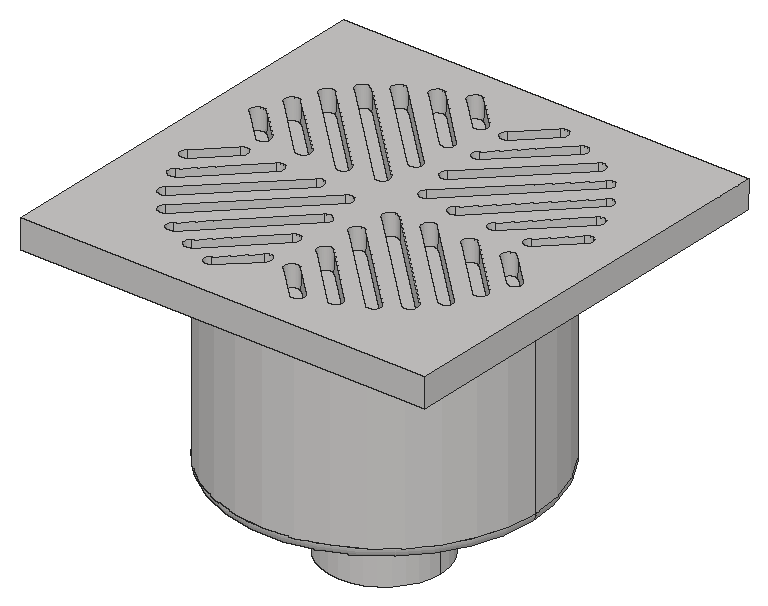
Revit family
Parameters (values of type "9614-S-2"")
  Width = 8"
  Waste Connection Radius = 1"
  Waste Connection Diameter = Waste Connection Radius * 2  # 2"
  Waste Connection = yes
  Vent Connection = no
  URL = "www.jrsmith.com"
  Price = "Prices may vary. Please consult Manufacturer Representative for most up-to-date price list."  # constant formula
  Phone Number = "416-250-5656"  # constant formula
  Omniclass Table 23 Title = "Waste Water Drains"  # constant formula
  Omniclass Table 23 Code = "23.70.50.21.24"  # constant formula
  Model = "9614-S-2\""
  Material = Metal-Jay R Smith-Stainless Steel
  Masterformat Title = "Sanitary Drains"  # constant formula
  Masterformat Number = "22 13 19.13"  # constant formula
  Manufacturer = "Jay R. Smith"
  Length = Width  # 8"
  Height = 6 1/4"
  HW Connection = no
  Description = "8\" Square top general purpose floor drain,"
  Default Elevation = 0"
  Creation Date = "27/10/2014"  # constant formula
  Created By = "Allied Technical Services"  # constant formula
  CW Connection = no
  Assembly Code = "D2030300"
  ATS URL = "http://www.atsspec.net"
Types (4): name | Waste Connection Radius | Waste Connection Diameter | Model | Description
  (no name) | 1" | 2" | "9614-S-2\"" | "8\" Square top general purpose floor drain,"
  9614-S-2" | 1" | 2" | "9614-S-2\"" | "8\" Square top general purpose floor drain,"
  9614-S-3" | 1 1/2" | 3" | "9614-S-3\"" | "8\" Square top general purpose floor drain."
  9614-S-4" | 2" | 4" | "9614-S-4\"" | "8\" Square top general purpose floor drain."
Reference planes (in)
  plane 1 "Center (Front/Back)": y = 0
  plane 2: z = 0
  plane 3 "Center (Left/Right)": x = 0
  plane 4: x = -4
  plane 5: x = 4
  plane 6: z = 6.25
  plane 7: z = 1.5
  plane 8: x = -1
  plane 9: x = 1
  plane 10: z = 5.6875
  plane 11: x = 0
  plane 12: y = 2.71863
  plane 13: x = -0.26831
  plane 14: y = 0.33214
  plane 15: y = 0.05089
  plane 16: z = 5.84137
Forms (in)
  Revolve 1, solid, material "Metal-Jay R Smith-Stainless Steel" <- "Material"
    sketch origin (0, 0, 0) x (1, 0, 0) y (0, 0, 1)
      loop
        line (-2.99178, 5.35248) -> (-2.99178, 1.71875)
        arc (-2.99178, 1.71875) -> (-2.92771, 1.56407) -> (-2.77303, 1.5) r 0.21875
        line (-2.77303, 1.5) -> (-1.125, 1.5) -> (-1.125, 0) -> (-1, 0) -> (-1, 5.6875) -> (-3.32681, 5.6875)
        arc (-3.32681, 5.6875) -> (-3.08991, 5.58937) -> (-2.99178, 5.35248) r 0.33502
      axis (0, 5.6875) -> (0, 0)
    angle from 0 to 360
  Extrusion 2, solid, material "Metal-Jay R Smith-Stainless Steel" <- "Material"
    sketch origin (-42.09437, -52.31054, 0) x (1, 0, 0) y (0, 1, 0)
      loop
        line (38.09437, 56.31054) -> (38.09437, 48.31054) -> (46.09437, 48.31054) -> (46.09437, 56.31054) -> (38.09437, 56.31054)
      loop
        line (38.97578, 53.70311) -> (40.09144, 52.58744)
        arc (40.09144, 52.58744) -> (40.29032, 52.58744) -> (40.29032, 52.78632) r 0.14063
        line (40.29032, 52.78632) -> (39.17465, 53.90198)
        arc (39.17465, 53.90198) -> (38.97578, 53.90198) -> (38.97578, 53.70311) r 0.14062
      loop
        line (39.22439, 54.25) -> (40.88694, 52.58744)
        arc (40.88694, 52.58744) -> (41.08581, 52.58744) -> (41.08581, 52.78632) r 0.14062
        line (41.08581, 52.78632) -> (39.42326, 54.44887)
        arc (39.42326, 54.44887) -> (39.22439, 54.44887) -> (39.22439, 54.25) r 0.14062
      loop
        line (39.5753, 54.69457) -> (41.55743, 52.71244)
        arc (41.55743, 52.71244) -> (41.75631, 52.71244) -> (41.75631, 52.91132) r 0.14063
        line (41.75631, 52.91132) -> (39.77418, 54.89345)
        arc (39.77418, 54.89345) -> (39.5753, 54.89345) -> (39.5753, 54.69457) r 0.14062
      loop
        line (40.01988, 55.04549) -> (41.68243, 53.38294)
        arc (41.68243, 53.38294) -> (41.88131, 53.38294) -> (41.88131, 53.58181) r 0.14062
        line (41.88131, 53.58181) -> (40.21875, 55.24437)
        arc (40.21875, 55.24437) -> (40.01988, 55.24437) -> (40.01988, 55.04549) r 0.14062
      loop
        line (40.56677, 55.2941) -> (41.68243, 54.17843)
        arc (41.68243, 54.17843) -> (41.88131, 54.17843) -> (41.88131, 54.37731) r 0.14063
        line (41.88131, 54.37731) -> (40.76564, 55.49297)
        arc (40.76564, 55.49297) -> (40.56677, 55.49297) -> (40.56677, 55.2941) r 0.14062
      loop
        line (41.14129, 55.51507) -> (41.72663, 54.92973)
        arc (41.72663, 54.92973) -> (41.9255, 54.92973) -> (41.9255, 55.12861) r 0.14063
        line (41.9255, 55.12861) -> (41.34026, 55.71385)
        arc (41.34026, 55.71385) -> (41.14134, 55.71399) -> (41.14129, 55.51507) r 0.14063
      loop
        line (38.75477, 53.12862) -> (39.34014, 52.54325)
        arc (39.34014, 52.54325) -> (39.53902, 52.54325) -> (39.53902, 52.74212) r 0.14063
        line (39.53902, 52.74212) -> (38.9536, 53.32754)
        arc (38.9536, 53.32754) -> (38.75479, 53.32744) -> (38.75477, 53.12862) r 0.14063
      loop
        arc (45.21296, 53.70311) -> (45.21296, 53.90198) -> (45.01409, 53.90198) r 0.14062
        line (45.01409, 53.90198) -> (43.89842, 52.78632)
        arc (43.89842, 52.78632) -> (43.89842, 52.58744) -> (44.0973, 52.58744) r 0.14063
        line (44.0973, 52.58744) -> (45.21296, 53.70311)
      loop
        arc (44.96436, 54.25) -> (44.96436, 54.44887) -> (44.76548, 54.44887) r 0.14062
        line (44.76548, 54.44887) -> (43.10293, 52.78632)
        arc (43.10293, 52.78632) -> (43.10293, 52.58744) -> (43.3018, 52.58744) r 0.14062
        line (43.3018, 52.58744) -> (44.96436, 54.25)
      loop
        arc (44.61344, 54.69457) -> (44.61344, 54.89345) -> (44.41456, 54.89345) r 0.14062
        line (44.41456, 54.89345) -> (42.43243, 52.91132)
        arc (42.43243, 52.91132) -> (42.43243, 52.71244) -> (42.63131, 52.71244) r 0.14063
        line (42.63131, 52.71244) -> (44.61344, 54.69457)
      loop
        arc (44.16886, 55.04549) -> (44.16886, 55.24437) -> (43.96999, 55.24437) r 0.14062
        line (43.96999, 55.24437) -> (42.30743, 53.58181)
        arc (42.30743, 53.58181) -> (42.30743, 53.38294) -> (42.50631, 53.38294) r 0.14062
        line (42.50631, 53.38294) -> (44.16886, 55.04549)
      loop
        arc (43.62197, 55.2941) -> (43.62197, 55.49297) -> (43.4231, 55.49297) r 0.14062
        line (43.4231, 55.49297) -> (42.30743, 54.37731)
        arc (42.30743, 54.37731) -> (42.30743, 54.17843) -> (42.50631, 54.17843) r 0.14063
        line (42.50631, 54.17843) -> (43.62197, 55.2941)
      loop
        arc (43.04745, 55.51507) -> (43.0474, 55.71399) -> (42.84848, 55.71385) r 0.14063
        line (42.84848, 55.71385) -> (42.26324, 55.12861)
        arc (42.26324, 55.12861) -> (42.26324, 54.92973) -> (42.46211, 54.92973) r 0.14063
        line (42.46211, 54.92973) -> (43.04745, 55.51507)
      loop
        arc (45.43397, 53.12862) -> (45.43395, 53.32744) -> (45.23514, 53.32754) r 0.14063
        line (45.23514, 53.32754) -> (44.64972, 52.74212)
        arc (44.64972, 52.74212) -> (44.64972, 52.54325) -> (44.8486, 52.54325) r 0.14063
        line (44.8486, 52.54325) -> (45.43397, 53.12862)
      loop
        arc (38.97578, 51.01977) -> (38.97578, 50.82089) -> (39.17465, 50.82089) r 0.14062
        line (39.17465, 50.82089) -> (40.29032, 51.93655)
        arc (40.29032, 51.93655) -> (40.29032, 52.13543) -> (40.09144, 52.13543) r 0.14063
        line (40.09144, 52.13543) -> (38.97578, 51.01977)
      loop
        arc (39.22439, 50.47288) -> (39.22439, 50.274) -> (39.42326, 50.274) r 0.14062
        line (39.42326, 50.274) -> (41.08581, 51.93655)
        arc (41.08581, 51.93655) -> (41.08581, 52.13543) -> (40.88694, 52.13543) r 0.14062
        line (40.88694, 52.13543) -> (39.22439, 50.47288)
      loop
        arc (39.5753, 50.0283) -> (39.5753, 49.82942) -> (39.77418, 49.82942) r 0.14062
        line (39.77418, 49.82942) -> (41.75631, 51.81155)
        arc (41.75631, 51.81155) -> (41.75631, 52.01043) -> (41.55743, 52.01043) r 0.14063
        line (41.55743, 52.01043) -> (39.5753, 50.0283)
      loop
        arc (40.01988, 49.67738) -> (40.01988, 49.47851) -> (40.21875, 49.47851) r 0.14062
        line (40.21875, 49.47851) -> (41.88131, 51.14106)
        arc (41.88131, 51.14106) -> (41.88131, 51.33993) -> (41.68243, 51.33993) r 0.14062
        line (41.68243, 51.33993) -> (40.01988, 49.67738)
      loop
        arc (40.56677, 49.42878) -> (40.56677, 49.2299) -> (40.76564, 49.2299) r 0.14062
        line (40.76564, 49.2299) -> (41.88131, 50.34556)
        arc (41.88131, 50.34556) -> (41.88131, 50.54444) -> (41.68243, 50.54444) r 0.14063
        line (41.68243, 50.54444) -> (40.56677, 49.42878)
      loop
        arc (41.14129, 49.2078) -> (41.14134, 49.00889) -> (41.34026, 49.00902) r 0.14063
        line (41.34026, 49.00902) -> (41.9255, 49.59426)
        arc (41.9255, 49.59426) -> (41.9255, 49.79314) -> (41.72663, 49.79314) r 0.14063
        line (41.72663, 49.79314) -> (41.14129, 49.2078)
      loop
        arc (38.75477, 51.59425) -> (38.75479, 51.39544) -> (38.9536, 51.39534) r 0.14063
        line (38.9536, 51.39534) -> (39.53902, 51.98075)
        arc (39.53902, 51.98075) -> (39.53902, 52.17962) -> (39.34014, 52.17962) r 0.14063
        line (39.34014, 52.17962) -> (38.75477, 51.59425)
      loop
        line (45.21296, 51.01977) -> (44.0973, 52.13543)
        arc (44.0973, 52.13543) -> (43.89842, 52.13543) -> (43.89842, 51.93655) r 0.14063
        line (43.89842, 51.93655) -> (45.01409, 50.82089)
        arc (45.01409, 50.82089) -> (45.21296, 50.82089) -> (45.21296, 51.01977) r 0.14062
      loop
        line (44.96436, 50.47288) -> (43.3018, 52.13543)
        arc (43.3018, 52.13543) -> (43.10293, 52.13543) -> (43.10293, 51.93655) r 0.14062
        line (43.10293, 51.93655) -> (44.76548, 50.274)
        arc (44.76548, 50.274) -> (44.96436, 50.274) -> (44.96436, 50.47288) r 0.14062
      loop
        line (44.61344, 50.0283) -> (42.63131, 52.01043)
        arc (42.63131, 52.01043) -> (42.43243, 52.01043) -> (42.43243, 51.81155) r 0.14063
        line (42.43243, 51.81155) -> (44.41456, 49.82942)
        arc (44.41456, 49.82942) -> (44.61344, 49.82942) -> (44.61344, 50.0283) r 0.14062
      loop
        line (44.16886, 49.67738) -> (42.50631, 51.33993)
        arc (42.50631, 51.33993) -> (42.30743, 51.33993) -> (42.30743, 51.14106) r 0.14062
        line (42.30743, 51.14106) -> (43.96999, 49.47851)
        arc (43.96999, 49.47851) -> (44.16886, 49.47851) -> (44.16886, 49.67738) r 0.14062
      loop
        line (43.62197, 49.42878) -> (42.50631, 50.54444)
        arc (42.50631, 50.54444) -> (42.30743, 50.54444) -> (42.30743, 50.34556) r 0.14063
        line (42.30743, 50.34556) -> (43.4231, 49.2299)
        arc (43.4231, 49.2299) -> (43.62197, 49.2299) -> (43.62197, 49.42878) r 0.14062
      loop
        line (43.04745, 49.2078) -> (42.46211, 49.79314)
        arc (42.46211, 49.79314) -> (42.26324, 49.79314) -> (42.26324, 49.59426) r 0.14063
        line (42.26324, 49.59426) -> (42.84848, 49.00902)
        arc (42.84848, 49.00902) -> (43.0474, 49.00889) -> (43.04745, 49.2078) r 0.14063
      loop
        line (45.43397, 51.59425) -> (44.8486, 52.17962)
        arc (44.8486, 52.17962) -> (44.64972, 52.17962) -> (44.64972, 51.98075) r 0.14063
        line (44.64972, 51.98075) -> (45.23514, 51.39534)
        arc (45.23514, 51.39534) -> (45.43395, 51.39544) -> (45.43397, 51.59425) r 0.14063
    from 5.84137 to 6.25
  Extrusion 3, solid, material "Metal-Jay R Smith-Stainless Steel" <- "Material"
    sketch origin (-52.76309, -85.73139, 0) x (1, 0, 0) y (0, 1, 0)
      loop
        line (48.76309, 89.73139) -> (48.76309, 81.73139) -> (56.76309, 81.73139) -> (56.76309, 89.73139) -> (48.76309, 89.73139)
    from 5.6875 to 5.84137
Cuts and joins
  joined: Extrusion 2, Extrusion 3
Dimensions and locks (in)
  "Height": plane 6 to plane 2
  "Waste Connection Diameter": plane 9 to plane 8
  "Width": plane 5 to plane 4
  plane 7 to level = 1 1/2"
  equal spacing: plane 9, plane 3 "Center (Left/Right)", plane 8
  equal spacing: plane 5, plane 3 "Center (Left/Right)", plane 4
  locked: plane 8 to Revolve 1 sketch curve at 0.125
  locked: plane 6 to plane 10 at 0.5625
  plane 6 to plane 7 = 4 3/4"
  locked: plane 4 to Revolve 1 sketch curve at 1.00822
  aligned and locked: plane 8 to Revolve 1 sketch curve
  aligned and locked: plane 6 to Extrusion 2
Automatic sketch dimensions
  Revolve 1 sketch curve to plane 10 = 0"
  Revolve 1 sketch curve to plane 7 = 0"
  Revolve 1 sketch curve to plane 3 "Center (Left/Right)" = 0"
  Revolve 1 sketch curve to level = 0"
  plane 7 to Revolve 1 sketch curve = 7/32"
  Revolve 1 sketch curve to Revolve 1 sketch curve = 0.33502"
  Revolve 1 sketch curve to level = 2 1/2"
  Revolve 1 sketch curve to Revolve 1 sketch curve = 0.64812"
  plane 14 to Extrusion 2 sketch curve = 0"  (x2)
  Extrusion 2 sketch curve to plane 13 = 0"  (x2)
  Extrusion 2 sketch curve to plane 12 = 0"
  plane 12 to Extrusion 2 sketch curve = 0"
  plane 13 to Extrusion 2 sketch curve = 0.04419"  (x4)
  plane 13 to Extrusion 2 sketch curve = 0.06976"  (x2)
  plane 13 to Extrusion 2 sketch curve = 0.09944"  (x2)
  Extrusion 2 sketch curve to Extrusion 2 sketch curve = 0.09944"  (x118)
  Extrusion 2 sketch curve to plane 14 = 0.06976"  (x2)
  plane 13 to Extrusion 2 sketch curve = 0.4858"  (x2)
  Extrusion 2 sketch curve to Extrusion 2 sketch curve = 0.09953"  (x4)
  Extrusion 2 sketch curve to Extrusion 2 sketch curve = 0.47162"  (x8)
  Extrusion 2 sketch curve to plane 14 = 0.14363"  (x4)
  Extrusion 2 sketch curve to plane 14 = 0.04419"  (x4)
  plane 14 to Extrusion 2 sketch curve = 0.05524"  (x4)
  Extrusion 2 sketch curve to Extrusion 2 sketch curve = 0.37565"  (x4)
  plane 12 to Extrusion 2 sketch curve = 0.4638"  (x2)
  Extrusion 2 sketch curve to Extrusion 2 sketch curve = 0.59662"  (x7)
  Extrusion 2 sketch curve to Extrusion 2 sketch curve = 0.34802"  (x7)
  plane 12 to Extrusion 2 sketch curve = 0.21519"
  plane 12 to Extrusion 2 sketch curve = 0.01632"  (x2)
  Extrusion 2 sketch curve to Extrusion 2 sketch curve = 0.2457"  (x6)
  Extrusion 2 sketch curve to plane 12 = 0.13572"  (x2)
  Extrusion 2 sketch curve to plane 14 = 0.09944"  (x2)
  Extrusion 2 sketch curve to Extrusion 2 sketch curve = 0.55243"  (x6)
  plane 15 to Extrusion 2 sketch curve = 0.38069"
  Extrusion 2 sketch curve to Extrusion 2 sketch curve = 0.15204"  (x6)
  Extrusion 2 sketch curve to plane 12 = 0.5803"
  plane 14 to Extrusion 2 sketch curve = 0.09944"  (x2)
  plane 15 to Extrusion 2 sketch curve = 0.18181"  (x2)
  Extrusion 2 sketch curve to Extrusion 2 sketch curve = 0.04973"  (x6)
  Extrusion 2 sketch curve to plane 12 = 1.12719"  (x2)
  Extrusion 2 sketch curve to plane 14 = 1.06042"
  plane 15 to Extrusion 2 sketch curve = 1.34167"
  plane 15 to Extrusion 2 sketch curve = 0.9661"
  Extrusion 2 sketch curve to Extrusion 2 sketch curve = 0.02218"  (x4)
  Extrusion 2 sketch curve to Extrusion 2 sketch curve = 0.09936"  (x4)
  Extrusion 2 sketch curve to plane 14 = 0.48594"
  Extrusion 2 sketch curve to Extrusion 2 sketch curve = 0.09948"  (x4)
  plane 15 to Extrusion 2 sketch curve = 0.76719"  (x2)
  Extrusion 2 sketch curve to plane 14 = 3.66786"
  Extrusion 2 sketch curve to Extrusion 2 sketch curve = 7.3396"
  Extrusion 2 sketch curve to Extrusion 2 sketch curve = 8"
  Extrusion 2 sketch curve to plane 13 = 0.05524"  (x4)
  Extrusion 2 sketch curve to plane 13 = 0.09944"  (x2)
  plane 11 to Extrusion 2 sketch curve = 0.16887"  (x2)
  plane 11 to Extrusion 2 sketch curve = 0.21306"  (x4)
  plane 11 to Extrusion 2 sketch curve = 0.33806"  (x2)
  Extrusion 2 sketch curve to plane 12 = 0.09944"  (x2)
  plane 11 to Extrusion 2 sketch curve = 0.75411"  (x2)
  plane 12 to Extrusion 2 sketch curve = 0.26492"  (x2)
  plane 15 to Extrusion 2 sketch curve = 0.42488"  (x4)
  plane 15 to Extrusion 2 sketch curve = 0.22601"
  Extrusion 2 sketch curve to plane 14 = 0.68485"
  Extrusion 2 sketch curve to Extrusion 2 sketch curve = 0.57448"
  plane 15 to Extrusion 2 sketch curve = 1.817"
  Extrusion 2 sketch curve to Extrusion 2 sketch curve = 0"  (x2)
  Extrusion 2 sketch curve to Extrusion 2 sketch curve = 0.0221"  (x4)
  plane 15 to Extrusion 2 sketch curve = 4.05089"
  Extrusion 2 sketch curve to Extrusion 2 sketch curve = 0.19891"  (x2)
  Extrusion 2 sketch curve to Extrusion 2 sketch curve = 0.19887"  (x5)
  Extrusion 2 sketch curve to Extrusion 2 sketch curve = 0.09939"
  plane 12 to Extrusion 2 sketch curve = 0.11576"
  plane 5 to Extrusion 3 sketch curve = 8"
  Extrusion 3 sketch curve to Extrusion 3 sketch curve = 8"  (x2)
  plane 1 "Center (Front/Back)" to Extrusion 3 sketch curve = 4"
Connectors (in)
  piping at (0, 0, 0), driven by "Waste Connection Radius"
    settings: on Revolve 1, index 1
